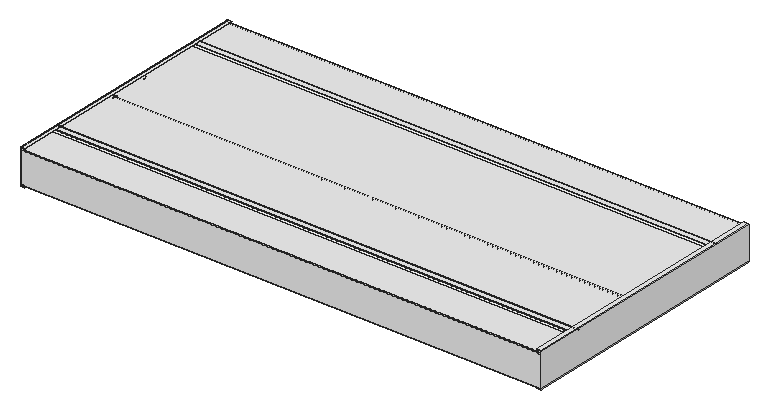
Revit family "LSTA", category Lighting Fixtures, host Ceiling, Revit 2019
Family settings
  Host = Ceiling
  Round Connector Dimension = Use Diameter
  Part Type = Normal
  OmniClass Number = 23.80.70.11.14.17
  OmniClass Title = Direct/Indirect
  Always vertical = Yes
  Cut with Voids When Loaded = No
  Light Source = Yes
  Shared = No
  Room Calculation Point = No
Parameters (values of type "LSTA2x4-LED840K090LUNV")
  Width = 1' - 11 3/4"
  Wattage = 73 W
  built-in parameter 1150110 = 1 (stored number, unit not read)
  Voltage = 120 V  # constant formula
  URL = "https://www.viscor.com/en/products/lsta"
  built-in parameter 1114217 = 0.9 (stored number, unit not read)
  Tilt Angle = 90.00°
  built-in parameter 1150109 = 1 (stored number, unit not read)
  built-in parameter 1150134 = 12
  built-in parameter 1150113 = 1 (stored number, unit not read)
  Photometric Web File = "LSTA2x4-LED840K090LUNV.IES"
  Model = "LSTA"  # constant formula
  Manufacturer = "VISIONEERING by VISCOR"  # constant formula
  Lumens = 8979 lm
  built-in parameter 1150115 = 1 (stored number, unit not read)
  built-in parameter 1150105 = 714.53 (stored number, unit not read)
  built-in parameter 1150137 = (empty or 0)
  built-in parameter 1150139 = (empty or 0)
  Lens Finish = Acrylic - Viscor - Frosted Prismatic P12
  Length = 3' - 11 3/4"
  Lamp Wattage = 73 VA
  built-in parameter 1150112 = 1 (stored number, unit not read)
  built-in parameter 1150114 = 1 (stored number, unit not read)
  Lamp = "LED"  # constant formula
  built-in parameter 1150132 = (empty or 0)
  built-in parameter 1150102 = (empty or 0)
  built-in parameter 1150138 = (empty or 0)
  built-in parameter 1150107 = 4000 (stored number, unit not read)
  built-in parameter 1150106 = 7.1453 (stored number, unit not read)
  Housing Finish = Metal - Viscor - White
  Height = 0' - 3 1/8"
  Emit from Rectangle Width = Width  # 1' - 11 3/4"
  Emit from Rectangle Length = Length  # 3' - 11 3/4"
  Emit Shape Visible in Rendering = no
  built-in parameter 1150104 = 11.427 (stored number, unit not read)
  Dimming Lamp Color Temperature Shift = <None>
  Description = "LED Surfaced Type A"  # constant formula
  Color Filter = 16777215
  built-in parameter 1114218 = 1 (stored number, unit not read)
  built-in parameter 1150133 = 10 (stored number, unit not read)
  Assembly Code = "D5020200"
  Apparent Load = Lamp Wattage  # 73 VA
Types (12): name | Width | Wattage | Photometric Web File | Lumens | built-in parameter 1150105 | Length | Lamp Wattage | built-in parameter 1150106 | Height | Emit from Rectangle Width | Emit from Rectangle Length | built-in parameter 1150104 | Apparent Load
  (no name) | 1' - 11 3/4" | 73 W | "LSTA2x4-LED840K090LUNV.IES" | 8979 lm | 714.53 (stored number, unit not read) | 3' - 11 3/4" | 73 VA | 7.1453 (stored number, unit not read) | 0' - 3 1/8" | 1' - 11 3/4" | 3' - 11 3/4" | 11.427 (stored number, unit not read) | 73 VA
  LSTA1x4-LED840K035LUNV | 0' - 11 3/4" | 30 W | "LSTA1x4-LED840K035LUNV.IES" | 3600 lm | 286.48 (stored number, unit not read) | 3' - 11 3/4" | 30 VA | 2.8648 (stored number, unit not read) | 0' - 4 5/32" | 0' - 11 3/4" | 3' - 11 3/4" | 11.148 (stored number, unit not read) | 30 VA
  LSTA2X2-LED840K026LUNV | 1' - 11 3/4" | 21 W | "LSTA2X2-LED840K026LUNV.IES" | 2583 lm | 205.55 (stored number, unit not read) | 1' - 11 3/4" | 21 VA | 2.0555 (stored number, unit not read) | 0' - 3 1/8" | 1' - 11 3/4" | 1' - 11 3/4" | 11.427 (stored number, unit not read) | 21 VA
  LSTA2x4-LED840K040LUNV | 1' - 11 3/4" | 31 W | "LSTA2x4-LED840K040LUNV.IES" | 4061 lm | 323.16 (stored number, unit not read) | 3' - 11 3/4" | 31 VA | 3.2316 (stored number, unit not read) | 0' - 3 1/8" | 1' - 11 3/4" | 3' - 11 3/4" | 12.17 (stored number, unit not read) | 31 VA
  LSTA1x4-LED840K046LUNV | 0' - 11 3/4" | 35 W | "LSTA1x4-LED840K046LUNV.IES" | 4585 lm | 364.86 (stored number, unit not read) | 3' - 11 3/4" | 35 VA | 3.6486 (stored number, unit not read) | 0' - 4 5/32" | 0' - 11 3/4" | 3' - 11 3/4" | 12.17 (stored number, unit not read) | 35 VA
  LSTA2x2-LED840K035LUNV | 1' - 11 3/4" | 30 W | "LSTA2x2-LED840K035LUNV.IES" | 3510 lm | 279.32 (stored number, unit not read) | 1' - 11 3/4" | 30 VA | 2.7932 (stored number, unit not read) | 0' - 3 1/8" | 1' - 11 3/4" | 1' - 11 3/4" | 10.87 (stored number, unit not read) | 30 VA
  LSTA2X2-LED840K040LUNV | 1' - 11 3/4" | 33 W | "LSTA2X2-LED840K040LUNV.IES" | 4026 lm | 320.38 (stored number, unit not read) | 1' - 11 3/4" | 33 VA | 3.2038 (stored number, unit not read) | 0' - 3 1/8" | 1' - 11 3/4" | 1' - 11 3/4" | 11.334 (stored number, unit not read) | 33 VA
  LSTA2x2-LED840K046LUNV | 1' - 11 3/4" | 38 W | "LSTA2x2-LED840K046LUNV.IES" | 4598 lm | 365.9 (stored number, unit not read) | 1' - 11 3/4" | 38 VA | 3.659 (stored number, unit not read) | 0' - 3 1/8" | 1' - 11 3/4" | 1' - 11 3/4" | 11.241 (stored number, unit not read) | 38 VA
  LSTA2x4-LED840K049LUNV | 1' - 11 3/4" | 39 W | "LSTA2x4-LED840K049LUNV.IES" | 4875 lm | 387.94 (stored number, unit not read) | 3' - 11 3/4" | 39 VA | 3.8794 (stored number, unit not read) | 0' - 3 1/8" | 1' - 11 3/4" | 3' - 11 3/4" | 11.613 (stored number, unit not read) | 39 VA
  LSTA2x4-LED840K063LUNV | 1' - 11 3/4" | 49 W | "LSTA2x4-LED840K063LUNV.IES" | 6468 lm | 514.71 (stored number, unit not read) | 3' - 11 3/4" | 49 VA | 5.1471 (stored number, unit not read) | 0' - 3 1/8" | 1' - 11 3/4" | 3' - 11 3/4" | 12.263 (stored number, unit not read) | 49 VA
  LSTA2x4-LED840K077LUNV | 1' - 11 3/4" | 60 W | "LSTA2x4-LED840K077LUNV.IES" | 7740 lm | 615.93 (stored number, unit not read) | 3' - 11 3/4" | 60 VA | 6.1593 (stored number, unit not read) | 0' - 3 1/8" | 1' - 11 3/4" | 3' - 11 3/4" | 11.984 (stored number, unit not read) | 60 VA
  LSTA2x4-LED840K090LUNV | 1' - 11 3/4" | 73 W | "LSTA2x4-LED840K090LUNV.IES" | 8979 lm | 714.53 (stored number, unit not read) | 3' - 11 3/4" | 73 VA | 7.1453 (stored number, unit not read) | 0' - 3 1/8" | 1' - 11 3/4" | 3' - 11 3/4" | 11.427 (stored number, unit not read) | 73 VA
Reference planes (in)
  plane 1 "Light Source Axis (F/B)": y = 0
  plane 2 "Ceiling": z = 96
  plane 3 "Light Source Axis (L/R)": x = 0
  plane 4 "Light Source Elevation": z = 92
  plane 5: y = 11.875
  plane 6: y = -11.875
  plane 7: x = -23.875
  plane 8: x = 23.875
  plane 9: y = 11.438
  plane 10: y = -11.438
  plane 11: x = -23.84375
  plane 12: x = 23.84375
  plane 13: x = -23.438
  plane 14: x = 23.43775
  plane 15 "DoorFrameBottom": z = 92.875
Forms (in)
  Extrusion 1, solid, material "Metal - Viscor - White" <- "Housing Finish"
    sketch origin (0, 0, 0) x (0, 1, 0) y (0, 0, 1)
      loop
        arc (11.806, 92.875) -> (11.85479, 92.89521) -> (11.875, 92.944) r 0.069
        line (11.875, 92.944) -> (11.875, 95.806)
        arc (11.875, 95.806) -> (11.85479, 95.85479) -> (11.806, 95.875) r 0.069
        line (11.806, 95.875) -> (8.44993, 95.875) -> (8.34426, 95.98067)
        arc (8.34426, 95.98067) -> (8.32285, 95.99498) -> (8.29759, 96) r 0.066
        line (8.29759, 96) -> (7.70241, 96)
        arc (7.70241, 96) -> (7.67715, 95.99498) -> (7.65574, 95.98067) r 0.066
        line (7.65574, 95.98067) -> (7.55007, 95.875) -> (-7.55007, 95.875) -> (-7.65574, 95.98067)
        arc (-7.65574, 95.98067) -> (-7.67715, 95.99498) -> (-7.70241, 96) r 0.066
        line (-7.70241, 96) -> (-8.29759, 96)
        arc (-8.29759, 96) -> (-8.32285, 95.99498) -> (-8.34426, 95.98067) r 0.066
        line (-8.34426, 95.98067) -> (-8.44993, 95.875) -> (-11.806, 95.875)
        arc (-11.806, 95.875) -> (-11.85479, 95.85479) -> (-11.875, 95.806) r 0.069
        line (-11.875, 95.806) -> (-11.875, 92.944)
        arc (-11.875, 92.944) -> (-11.85479, 92.89521) -> (-11.806, 92.875) r 0.069
        line (-11.806, 92.875) -> (-11.506, 92.875)
        arc (-11.506, 92.875) -> (-11.45721, 92.89521) -> (-11.437, 92.944) r 0.069
        line (-11.437, 92.944) -> (-11.437, 93.616)
        arc (-11.437, 93.616) -> (-11.42558, 93.64358) -> (-11.398, 93.655) r 0.039
        line (-11.398, 93.655) -> (-10.85101, 93.655) -> (-10.85101, 93.68625) -> (-11.398, 93.68625)
        arc (-11.398, 93.68625) -> (-11.44767, 93.66567) -> (-11.46825, 93.616) r 0.07025
        line (-11.46825, 93.616) -> (-11.46825, 92.944)
        arc (-11.46825, 92.944) -> (-11.47931, 92.91731) -> (-11.506, 92.90625) r 0.03775
        line (-11.506, 92.90625) -> (-11.806, 92.90625)
        arc (-11.806, 92.90625) -> (-11.83269, 92.91731) -> (-11.84375, 92.944) r 0.03775
        line (-11.84375, 92.944) -> (-11.84375, 95.806)
        arc (-11.84375, 95.806) -> (-11.83269, 95.83269) -> (-11.806, 95.84375) r 0.03775
        line (-11.806, 95.84375) -> (-8.43698, 95.84375) -> (-8.31198, 95.96875) -> (-7.68802, 95.96875) -> (-7.56302, 95.84375) -> (7.56302, 95.84375) -> (7.68802, 95.96875) -> (8.31198, 95.96875) -> (8.43698, 95.84375) -> (11.806, 95.84375)
        arc (11.806, 95.84375) -> (11.83269, 95.83269) -> (11.84375, 95.806) r 0.03775
        line (11.84375, 95.806) -> (11.84375, 92.944)
        arc (11.84375, 92.944) -> (11.83269, 92.91731) -> (11.806, 92.90625) r 0.03775
        line (11.806, 92.90625) -> (11.506, 92.90625)
        arc (11.506, 92.90625) -> (11.47931, 92.91731) -> (11.46825, 92.944) r 0.03775
        line (11.46825, 92.944) -> (11.46825, 93.616)
        arc (11.46825, 93.616) -> (11.44767, 93.66567) -> (11.398, 93.68625) r 0.07025
        line (11.398, 93.68625) -> (10.85101, 93.68625) -> (10.85101, 93.655) -> (11.398, 93.655)
        arc (11.398, 93.655) -> (11.42558, 93.64358) -> (11.437, 93.616) r 0.039
        line (11.437, 93.616) -> (11.437, 92.944)
        arc (11.437, 92.944) -> (11.45721, 92.89521) -> (11.506, 92.875) r 0.069
        line (11.506, 92.875) -> (11.806, 92.875)
    from -23.84375 to 23.84375
  Extrusion 2, solid, material "Metal - Viscor - White" <- "Housing Finish"
    sketch origin (0, 0, 0) x (1, 0, 0) y (0, 0, 1)
      loop
        arc (-23.84375, 95.96875) -> (-23.8346, 95.99085) -> (-23.8125, 96) r 0.03125
        line (-23.8125, 96) -> (-23.438, 96) -> (-23.438, 96.03125) -> (-23.8125, 96.03125)
        arc (-23.8125, 96.03125) -> (-23.85669, 96.01294) -> (-23.875, 95.96875) r 0.0625
        line (-23.875, 95.96875) -> (-23.875, 92.90625)
        arc (-23.875, 92.90625) -> (-23.85669, 92.86206) -> (-23.8125, 92.84375) r 0.0625
        line (-23.8125, 92.84375) -> (-23.438, 92.84375) -> (-23.438, 92.875) -> (-23.8125, 92.875)
        arc (-23.8125, 92.875) -> (-23.8346, 92.88415) -> (-23.84375, 92.90625) r 0.03125
        line (-23.84375, 92.90625) -> (-23.84375, 95.96875)
    from -11.875 to 11.875
  Extrusion 3, solid, material "Metal - Viscor - White" <- "Housing Finish"
    sketch origin (0, 0, 0) x (-1, 0, 0) y (0, 0, -1)
      loop
        line (-23.84375, -95.96875) -> (-23.84375, -92.90625)
        arc (-23.84375, -92.90625) -> (-23.8346, -92.88415) -> (-23.8125, -92.875) r 0.03125
        line (-23.8125, -92.875) -> (-23.438, -92.875) -> (-23.438, -92.84375) -> (-23.8125, -92.84375)
        arc (-23.8125, -92.84375) -> (-23.85669, -92.86206) -> (-23.875, -92.90625) r 0.0625
        line (-23.875, -92.90625) -> (-23.875, -95.96875)
        arc (-23.875, -95.96875) -> (-23.85669, -96.01294) -> (-23.8125, -96.03125) r 0.0625
        line (-23.8125, -96.03125) -> (-23.438, -96.03125) -> (-23.438, -96) -> (-23.8125, -96)
        arc (-23.8125, -96) -> (-23.8346, -95.99085) -> (-23.84375, -95.96875) r 0.03125
    from -11.875 to 11.875
  Extrusion 4, solid, material "Metal - Viscor - White" <- "Housing Finish"
    sketch origin (0, 0, 0) x (0, 1, 0) y (0, 0, 1)
      loop
        arc (1.65995, 95.845) -> (1.62398, 95.83302) -> (1.60237, 95.80186) r 0.06
        line (1.60237, 95.80186) -> (1.18671, 94.38234) -> (0.82699, 94.13099) -> (-0.82699, 94.13099) -> (-1.18671, 94.38234) -> (-1.60237, 95.80186)
        arc (-1.60237, 95.80186) -> (-1.62398, 95.83302) -> (-1.65995, 95.845) r 0.06
        line (-1.65995, 95.845) -> (-1.906, 95.845) -> (-1.906, 95.81375) -> (-1.65995, 95.81375)
        arc (-1.65995, 95.81375) -> (-1.64271, 95.80801) -> (-1.63236, 95.79308) r 0.02875
        line (-1.63236, 95.79308) -> (-1.21361, 94.36302) -> (-0.83683, 94.09974) -> (0.83683, 94.09974) -> (1.21361, 94.36302) -> (1.63236, 95.79308)
        arc (1.63236, 95.79308) -> (1.64271, 95.80801) -> (1.65995, 95.81375) r 0.02875
        line (1.65995, 95.81375) -> (1.906, 95.81375) -> (1.906, 95.845) -> (1.65995, 95.845)
    from -23.438 to 23.43775
  Extrusion 5, solid, material "Metal - Viscor - White" <- "Housing Finish"
    sketch origin (0, 0, 92.875) x (0, 1, 0) y (-1, 0, 0)
      loop
        line (-11.38722, 23.38722) -> (-11.38722, -23.38722) -> (11.38722, -23.38722) -> (11.38722, 23.38722) -> (-11.38722, 23.38722)
      loop
        line (-10.88722, 22.88722) -> (-10.88722, -22.88722) -> (10.88722, -22.88722) -> (10.88722, 22.88722) -> (-10.88722, 22.88722)
    from 0 to 0.5
  Extrusion 6, solid, material "Acrylic - Viscor - Frosted Prismatic P12" <- "Lens Finish"
    sketch origin (0, 0, 0) x (0, 1, 0) y (0, 0, 1)
      loop
        line (11.25, 92.921) -> (11.25, 93.016) -> (-11.19444, 93.016) -> (-11.19444, 92.921) -> (11.25, 92.921)
    from -23.438 to 23.43775
Dimensions and locks (in)
  equal spacing: host sketch curve, plane 3 "Light Source Axis (L/R)", host sketch curve
  equal spacing: host sketch curve, plane 1 "Light Source Axis (F/B)", host sketch curve
  host sketch curve to host sketch curve = 10' - 0"  (x2)
  equal spacing: plane 7, plane 3 "Light Source Axis (L/R)", plane 8
  equal spacing: plane 5, plane 1 "Light Source Axis (F/B)", plane 6
  plane 9 to plane 5 = 0' - 0.437"
  locked: plane 12 to plane 8 at 0.03125
  locked: plane 13 to plane 7 at 0.437
  locked: plane 14 to plane 12 at 0.406
  "Length": plane 7 to plane 8
  "Width": plane 5 to plane 6
  plane 7 to plane 11 to plane 13 = 0' - 0 1/32", 0' - 0.40575"
  plane 6 to plane 10 to plane 1 "Light Source Axis (F/B)" = 0' - 0.437" locked, 0' - 11.438"
  "Height": plane 2 "Ceiling" to plane 15 "DoorFrameBottom"
  aligned and locked: plane 3 "Light Source Axis (L/R)" to imposter light
  aligned and locked: plane 1 "Light Source Axis (F/B)" to imposter light
  aligned and locked: plane 4 "Light Source Elevation" to imposter light
  aligned and locked: Extrusion 1 to plane 11
  aligned and locked: plane 12 to Extrusion 1
  aligned and locked: Extrusion 2 to plane 6
  aligned and locked: plane 5 to Extrusion 2
  aligned and locked: Extrusion 3 to plane 6
  aligned and locked: plane 5 to Extrusion 3
  aligned and locked: Extrusion 4 to plane 13
  aligned and locked: plane 14 to Extrusion 4
  aligned and locked: Extrusion 6 to plane 13
  aligned and locked: plane 14 to Extrusion 6
Automatic sketch dimensions
  Extrusion 1 sketch curve to Extrusion 1 sketch curve = 0' - 0"  (x16)
  Extrusion 1 sketch curve to plane 6 = 0' - 0"
  Extrusion 1 sketch curve to plane 15 "DoorFrameBottom" = 0' - 0"  (x2)
  Extrusion 1 sketch curve to plane 2 "Ceiling" = 0' - 0"  (x2)
  Extrusion 1 sketch curve to plane 5 = 0' - 0"
  Extrusion 1 sketch curve to Extrusion 1 sketch curve = 0' - 0 1/32"
  plane 6 to Extrusion 1 sketch curve = 0' - 0.069"
  Extrusion 1 sketch curve to Extrusion 1 sketch curve = 0' - 0.03775"  (x3)
  Extrusion 1 sketch curve to plane 10 = 0' - 0.068"
  Extrusion 1 sketch curve to plane 10 = 0' - 0.03025"
  Extrusion 1 sketch curve to Extrusion 1 sketch curve = 0' - 0.039"
  Extrusion 1 sketch curve to Extrusion 1 sketch curve = 0' - 0.54699"
  Extrusion 1 sketch curve to plane 2 "Ceiling" = 0' - 0 1/8"  (x3)
  plane 10 to Extrusion 1 sketch curve = 0' - 2.98807"
  Extrusion 1 sketch curve to Extrusion 1 sketch curve = 0' - 0.01294"  (x4)
  Extrusion 1 sketch curve to plane 2 "Ceiling" = 0' - 0.01933"  (x4)
  Extrusion 1 sketch curve to Extrusion 1 sketch curve = 0' - 0.10567"  (x2)
  Extrusion 1 sketch curve to plane 2 "Ceiling" = 0' - 0 1/32"  (x2)
  Extrusion 1 sketch curve to Extrusion 1 sketch curve = 0' - 0.03228"  (x2)
  Extrusion 1 sketch curve to Extrusion 1 sketch curve = 0' - 0.01439"  (x4)
  Extrusion 1 sketch curve to plane 2 "Ceiling" = 0' - 0.066"  (x2)
  Extrusion 1 sketch curve to Extrusion 1 sketch curve = 0' - 0.59518"  (x2)
  Extrusion 1 sketch curve to plane 2 "Ceiling" = 0' - 0 5/32"  (x2)
  Extrusion 1 sketch curve to Extrusion 1 sketch curve = 0' - 0.09272"  (x2)
  Extrusion 1 sketch curve to plane 9 = 0' - 3.88793"
  Extrusion 1 sketch curve to plane 9 = 0' - 0.58699"
  Extrusion 1 sketch curve to plane 9 = 0' - 0.04"
  Extrusion 1 sketch curve to plane 9 = 0' - 0.001"
  Extrusion 1 sketch curve to plane 5 = 0' - 0.069"
  Extrusion 1 sketch curve to Extrusion 1 sketch curve = 0' - 0.672"  (x2)
  Extrusion 2 sketch curve to Extrusion 2 sketch curve = 0' - 0"  (x4)
  Extrusion 2 sketch curve to plane 7 = 0' - 0"
  Extrusion 2 sketch curve to plane 11 = 0' - 0"
  Extrusion 2 sketch curve to plane 15 "DoorFrameBottom" = 0' - 0"
  Extrusion 2 sketch curve to plane 2 "Ceiling" = 0' - 0"
  Extrusion 2 sketch curve to plane 13 = 0' - 0"  (x2)
  plane 11 to Extrusion 2 sketch curve = 0' - 0 1/32"  (x2)
  Extrusion 3 sketch curve to Extrusion 3 sketch curve = 0' - 0"  (x4)
  Extrusion 3 sketch curve to plane 8 = 0' - 0"
  Extrusion 3 sketch curve to plane 12 = 0' - 0"
  Extrusion 3 sketch curve to plane 15 "DoorFrameBottom" = 0' - 0"
  Extrusion 3 sketch curve to plane 2 "Ceiling" = 0' - 0"
  Extrusion 3 sketch curve to Extrusion 3 sketch curve = 0' - 0 1/32"
  plane 12 to Extrusion 3 sketch curve = 0' - 0 1/32"
  Extrusion 3 sketch curve to plane 14 = 0' - 0.00025"  (x2)
  Extrusion 4 sketch curve to Extrusion 4 sketch curve = 0' - 0"  (x4)
  Extrusion 4 sketch curve to plane 2 "Ceiling" = 0' - 0.18625"
  plane 1 "Light Source Axis (F/B)" to Extrusion 4 sketch curve = 0' - 1.65995"
  Extrusion 4 sketch curve to plane 2 "Ceiling" = 0' - 0.20692"  (x2)
  Extrusion 4 sketch curve to Extrusion 4 sketch curve = 0' - 0.02759"  (x2)
  Extrusion 4 sketch curve to plane 2 "Ceiling" = 0' - 0.19814"  (x2)
  Extrusion 4 sketch curve to Extrusion 4 sketch curve = 0' - 0.02999"  (x2)
  plane 1 "Light Source Axis (F/B)" to Extrusion 4 sketch curve = 0' - 1.21361"
  Extrusion 4 sketch curve to Extrusion 4 sketch curve = 0' - 0.0269"  (x2)
  Extrusion 4 sketch curve to Extrusion 4 sketch curve = 0' - 0.34988"
  Extrusion 4 sketch curve to Extrusion 4 sketch curve = 0' - 0.00984"  (x2)
  Extrusion 4 sketch curve to plane 1 "Light Source Axis (F/B)" = 0' - 0.82699"
  Extrusion 4 sketch curve to Extrusion 4 sketch curve = 0' - 0.35972"
  Extrusion 4 sketch curve to Extrusion 4 sketch curve = 0' - 0.41566"
  Extrusion 4 sketch curve to Extrusion 4 sketch curve = 0' - 0.24605"  (x2)
  Extrusion 4 sketch curve to Extrusion 4 sketch curve = 0' - 0.00808"
  Extrusion 4 sketch curve to Extrusion 4 sketch curve = 0' - 1.41952"  (x2)
  Extrusion 4 sketch curve to Extrusion 4 sketch curve = 0' - 0.01932"  (x2)
  Extrusion 4 sketch curve to Extrusion 4 sketch curve = 0' - 0.25136"
  Extrusion 4 sketch curve to Extrusion 4 sketch curve = 0' - 0 1/32"
  plane 10 to Extrusion 5 sketch curve = 0' - 0 13/256"
  plane 10 to Extrusion 5 sketch curve = 0' - 0 141/256"
  Extrusion 5 sketch curve to plane 9 = 0' - 0 141/256"
  Extrusion 5 sketch curve to plane 9 = 0' - 0 13/256"
  Extrusion 5 sketch curve to plane 14 = 0' - 0.05053"
  Extrusion 5 sketch curve to plane 14 = 0' - 0.55053"
  plane 13 to Extrusion 5 sketch curve = 0' - 0 141/256"
  plane 13 to Extrusion 5 sketch curve = 0' - 0 13/256"
  plane 15 "DoorFrameBottom" to Extrusion 6 sketch curve = 0' - 0.046"
  plane 10 to Extrusion 6 sketch curve = 0' - 0.24356"
  Extrusion 6 sketch curve to plane 9 = 0' - 0.188"
  Extrusion 6 sketch curve to Extrusion 6 sketch curve = 0' - 0.095"
Connectors (in)
  electrical at (0, 0, 92), driven by "Voltage", driven by "Lamp Wattage"
    settings: index 2, voltage 120 V, apparent load 0 VA, apparent load phase1 73 VA, apparent load phase2 0 VA, apparent load phase3 0 VA, power factor 1, load classification "Other", number of poles 1, system type 31, power factor state 1, is connector primary yes, connector utility no, sub classification motor no, connector description ""
